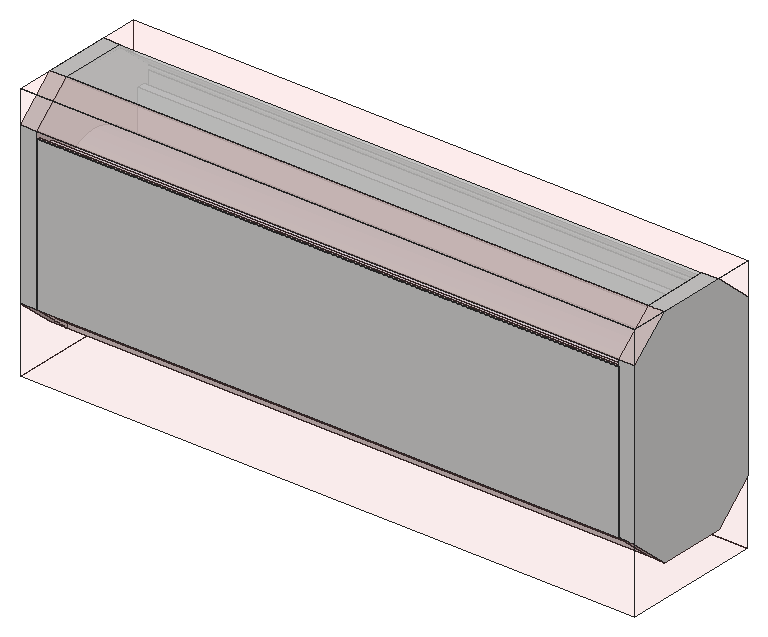
Revit family "Air-Curtain_Customer-Entry_PoweredAire_MP", category Mechanical Equipment, host Face, Revit 2022
Family settings
  Host = Face
  Round Connector Dimension = Use Diameter
  Part Type = Normal
  OmniClass Number = 23.75.35.17.21
  OmniClass Title = Air Curtains
  Cut with Voids When Loaded = No
  Maintain Annotation Orientation = No
  Shared = No
  Room Calculation Point = No
Parameters
  Warranty Duration (Years) = 0
  Unit Width Notes = "Other Widths available."  # constant formula
  Unit Width = 3' - 1"
  Unit Weight = 0
  Unit Height = 0' - 8 1/2"
  Unit Depth = 1' - 1 1/2"
  URL = "http://www.poweredaire.com/"
  Test Data = ""
  Standards Conformance = "as Specified"
  Specification = "http://www.arcat.com/sdspecs/htm04/23_34_33pai.htm"
  SpecWizard = ""
  Sound Pressure = "as Specified"
  Sales Information = "http://www.poweredaire.com/contact_us"
  Revision = "R1_2016-08"
  Projection from Host [instance] = 0' - 2"
  Product Properties = ""
  Product Data = "http://www.arcat.com/arcatcos/cos47/arc47623.html"
  Power Rating = 0 W
  Nozzle Width = if(1 = 1, Unit Width - 0' 2", 0' 0")  # 2' - 11"
  Mounting Width = if(1 = 1, Unit Width - 0' 1", 0' 0")  # 3' - 0"
  Mounting Height [instance] = 3' - 6"
  Motor RPM = 0
  Motor HP = 0
  Motor Count = 0
  Model = "As Specified"
  Max Height = 0' - 0"
  Manufacturer Website = "http://www.poweredaire.com/"
  Manufacturer Phone - Toll Free = "888-321-2473"
  Manufacturer Phone = "724-588-3305"
  Manufacturer Fax = "724-588-3371"
  Manufacturer Address = "109 Mortensen Rd.  Greenville, PA 16125"
  Manufacturer = "Powered Aire, Inc"
  Maintenance Schedule (Months) = 0
  Keynote = "23 34 33"
  Installation-Fabrication = ""
  Installation Phase = ""
  Include Clearance [instance] = yes
  Heating Element Load = 0 W
  HVAC_Temperature Rise = 0 °F
  HVAC_Outlet Volume = 0 CFM
  HVAC_Outlet Velocity Uniformity = 0
  HVAC_Outlet Velocity = 0 FPM
  Green Building-LEED = "http://www.arcat.com/green/clients/leed_data_47623.html"
  Front Grating Material [instance] = Metal - Steel - PoweredAire - Stainless 304 Perforated
  Frame Finish [instance] = Metal - Steel - PoweredAire - Stainless 304
  Expected Lifespan (Years) = 0
  Electrical_Wattage [instance] = Power Rating + Heating Element Load  # 0 W
  Electrical_Voltage [instance] = 0 V
  Electrical_Phase [instance] = 1
  Electrical_Frequency [instance] = 0 Hz
  Electrical_Amperage [instance] = 0 A
  Drawn By = "Sumex Design, Inc. / Robert S. Weygant, CSI, CDT, SCIP"
  Description = "Powered Aire Air Curtain as Specified"
  Default Elevation = 0' - 0"  # constant formula
  Copyright = "©Arcat Inc."
  Construction Details = "http://www.arcat.com/details/powair/prod3336.html"
  Clearance_Top [instance] = 0' - 0"
  Clearance_Side B [instance] = 0' - 0"
  Clearance_Side A [instance] = 0' - 0"
  Clearance_Intake [instance] = 0' - 0"
  Clearance_Bottom [instance] = 0' - 0"
  Clearance Material [instance] = ARCAT Clearance
  Building Codes = ""
  Available Options [instance] = "as Specified"
  Assembly Code = "D3090400"
Reference planes (in)
  plane 1 "Center (Elevation)": y = 0.13818
  plane 2: z = 0
  plane 3 "Center (Left/Right)": x = 0
  plane 4: y = 4.38818
  plane 5: y = -4.11182
  plane 6: x = -18.5
  plane 7: x = 18.5
  plane 8: z = 15.5
  plane 9 "FF": y = -41.86182
  plane 10: z = 2
  plane 11: x = 17.5
  plane 12: x = -17.5
  plane 13: y = 4.38818
  plane 14: y = -4.11182
  plane 15: x = -18.5
  plane 16: x = 18.5
  plane 17: z = 15.5
Forms (in)
  Extrusion 1, solid, material "Metal - Steel - PoweredAire - Stainless 304" <- "Frame Finish"
    sketch origin (0, 0, 0) x (0, 1, 0) y (0, 0, 1)
      loop
        line (2.13818, 2) -> (4.38818, 3.94454) -> (4.38818, 13.55546) -> (2.13818, 15.5) -> (-1.86182, 15.5) -> (-4.11182, 13.55546) -> (-4.11182, 3.94454) -> (-1.86182, 2) -> (2.13818, 2)
    from 17.5 to 18.5
  Extrusion 2, solid, material "Metal - Steel - PoweredAire - Stainless 304" <- "Frame Finish"
    sketch origin (0, 0, 0) x (0, 1, 0) y (0, 0, -1)
      loop
        line (2.13818, -2) -> (-1.86182, -2) -> (-4.11182, -3.94454) -> (-4.11182, -13.55546) -> (-1.86182, -15.5) -> (2.13818, -15.5) -> (4.38818, -13.55546) -> (4.38818, -3.94454) -> (2.13818, -2)
    from 17.5 to 18.5
  Extrusion 3, solid, material "Metal - Steel - PoweredAire - Stainless 304" <- "Frame Finish"
    sketch origin (0, 0, 0) x (0, 1, 0) y (0, 0, 1)
      loop
        line (-1.86182, 2) -> (2.13818, 2) -> (4.38818, 3.94454) -> (4.38818, 13.19454) -> (4.26318, 13.19454) -> (4.26318, 3.99632) -> (2.0979, 2.125) -> (-1.73682, 2.125) -> (-1.73682, 4.06954) -> (-3.98682, 4.06954) -> (-3.98682, 13.19454) -> (-4.11182, 13.19454) -> (-4.11182, 3.94454) -> (-1.86182, 3.94454) -> (-1.86182, 2)
      loop
        line (-3.39819, 3.61034) -> (-2.6202, 2.83235) -> (-2.49472, 2.95783) -> (-3.27271, 3.73583) -> (-3.39819, 3.61034)
    from -17.5 to 17.5
  Extrusion 4, solid, material "Metal - Steel - PoweredAire - Stainless 304 Perforated" <- "Front Grating Material"
    sketch origin (0, 0, 0) x (0, 1, 0) y (0, 0, 1)
      loop
        line (-4.11182, 13.19454) -> (-3.98682, 13.19454) -> (-3.98682, 13.50368) -> (-1.82155, 15.375) -> (2.0979, 15.375) -> (4.26318, 13.50368) -> (4.26318, 13.19454) -> (4.38818, 13.19454) -> (4.38818, 13.55546) -> (2.13818, 15.5) -> (-1.86182, 15.5) -> (-4.11182, 13.55546) -> (-4.11182, 13.19454)
    from -17.5 to 17.5
  Extrusion 5, solid, material "ARCAT Clearance" <- "Clearance Material", visible <- "Include Clearance"
    sketch origin (0, 0, 0) x (0, 1, 0) y (0, 0, 1)
      loop
        line (-4.11182, 15.5) -> (-4.11182, 0) -> (4.38818, 0) -> (4.38818, 15.5) -> (-4.11182, 15.5)
    from -18.5 to 18.5
  Extrusion 6, solid
    sketch origin (0, 0, 0) x (0, 1, 0) y (0, 0, 1)
      loop
        line (-3.59559, 12.66567) -> (-3.59559, 4.66567) -> (-3.09559, 4.66567) -> (-3.09559, 12.66567) -> (-3.59559, 12.66567)
      loop
        circle (0.13818, 9.1356) r 2.75
      loop
        line (3.87195, 12.66567) -> (3.37195, 12.66567) -> (3.37195, 4.66567) -> (3.87195, 4.66567) -> (3.87195, 12.66567)
    from -17.5 to 17.5
Dimensions and locks (in)
  equal spacing: plane 4, plane 1 "Center (Elevation)", plane 5
  "Unit Height": plane 4 to plane 5
  equal spacing: plane 6, plane 3 "Center (Left/Right)", plane 7
  "Unit Width": plane 6 to plane 7
  "Mounting Height": plane 1 "Center (Elevation)" to plane 9 "FF"
  "Projection from Host": plane 10 to level
  "Unit Depth": plane 8 to plane 10
  locked: plane 6 to plane 12 at 1
  locked: plane 11 to plane 7 at 1
  "Clearance_Side A": plane 7 to plane 16
  "Clearance_Side B": plane 15 to plane 6
  "Clearance_Top": plane 13 to plane 4
  "Clearance_Bottom": plane 5 to plane 14
  "Clearance_Intake": plane 17 to plane 8
  aligned and locked: plane 2 to host face
  aligned and locked: level to host face
  aligned and locked: plane 7 to Extrusion 1
  aligned and locked: Extrusion 1 to plane 11
  aligned and locked: plane 12 to Extrusion 2
  aligned and locked: Extrusion 2 to plane 6
  aligned and locked: plane 11 to Extrusion 3
  aligned and locked: Extrusion 3 to plane 12
  aligned and locked: plane 11 to Extrusion 4
  aligned and locked: Extrusion 4 to plane 12
  aligned and locked: Extrusion 5 sketch curve to plane 17
  aligned and locked: plane 14 to Extrusion 5 sketch curve
  aligned and locked: level to Extrusion 5 sketch curve
  aligned and locked: Extrusion 5 sketch curve to plane 13
  aligned and locked: plane 16 to Extrusion 5
  aligned and locked: Extrusion 5 to plane 15
  aligned and locked: plane 11 to Extrusion 6
  aligned and locked: Extrusion 6 to plane 12
Automatic sketch dimensions
  host sketch curve to host sketch curve = 8' - 0"  (x2)
  Extrusion 1 sketch curve to plane 5 = 0' - 0"
  Extrusion 1 sketch curve to plane 8 = 0' - 0"
  Extrusion 1 sketch curve to plane 4 = 0' - 0"
  plane 1 "Center (Elevation)" to Extrusion 1 sketch curve = 0' - 2"
  Extrusion 1 sketch curve to plane 1 "Center (Elevation)" = 0' - 2"  (x2)
  plane 10 to Extrusion 1 sketch curve = 0' - 1.94454"  (x2)
  Extrusion 1 sketch curve to plane 8 = 0' - 1.94454"  (x2)
  plane 5 to Extrusion 1 sketch curve = 0' - 2 1/4"
  Extrusion 1 sketch curve to plane 10 = 0' - 0"
  Extrusion 2 sketch curve to plane 5 = 0' - 0"
  Extrusion 2 sketch curve to plane 8 = 0' - 0"
  Extrusion 2 sketch curve to plane 10 = 0' - 0"
  Extrusion 2 sketch curve to plane 4 = 0' - 0"
  plane 1 "Center (Elevation)" to Extrusion 2 sketch curve = 0' - 2"
  Extrusion 2 sketch curve to plane 1 "Center (Elevation)" = 0' - 2"  (x2)
  Extrusion 2 sketch curve to plane 8 = 0' - 1.94454"  (x2)
  plane 10 to Extrusion 2 sketch curve = 0' - 1.94454"  (x2)
  plane 5 to Extrusion 2 sketch curve = 0' - 2 1/4"
  Extrusion 4 sketch curve to plane 5 = 0' - 0"
  Extrusion 4 sketch curve to plane 8 = 0' - 0"
  Extrusion 4 sketch curve to plane 4 = 0' - 0"
  plane 5 to Extrusion 4 sketch curve = 0' - 0 1/8"
  plane 1 "Center (Elevation)" to Extrusion 4 sketch curve = 0' - 2"
  Extrusion 4 sketch curve to Extrusion 4 sketch curve = 0' - 0.04027"  (x2)
  Extrusion 4 sketch curve to Extrusion 4 sketch curve = 0' - 0 1/8"
  Extrusion 4 sketch curve to plane 8 = 0' - 1.94454"  (x2)
  Extrusion 4 sketch curve to Extrusion 4 sketch curve = 0' - 0.05178"  (x2)
  Extrusion 4 sketch curve to Extrusion 4 sketch curve = 0' - 0.30914"  (x2)
  Extrusion 4 sketch curve to plane 8 = 0' - 0 1/8"
  Extrusion 4 sketch curve to plane 1 "Center (Elevation)" = 0' - 1.95973"
  Extrusion 3 sketch curve to plane 5 = 0' - 0"
  Extrusion 3 sketch curve to plane 4 = 0' - 0"
  plane 5 to Extrusion 3 sketch curve = 0' - 0 1/8"
  plane 5 to Extrusion 3 sketch curve = 0' - 0.71363"
  Extrusion 3 sketch curve to Extrusion 3 sketch curve = 0' - 0.12548"  (x2)
  Extrusion 3 sketch curve to Extrusion 3 sketch curve = 0' - 0.778"
  Extrusion 3 sketch curve to Extrusion 3 sketch curve = 0' - 0.63289"
  Extrusion 3 sketch curve to Extrusion 3 sketch curve = 0' - 0 1/8"  (x2)
  Extrusion 3 sketch curve to plane 4 = 0' - 0 1/8"
  plane 10 to Extrusion 3 sketch curve = 0' - 0.83235"
  Extrusion 3 sketch curve to Extrusion 3 sketch curve = 0' - 0.3342"
  plane 10 to Extrusion 3 sketch curve = 0' - 1.94454"
  Extrusion 3 sketch curve to Extrusion 3 sketch curve = 0' - 0.05178"
  Extrusion 3 sketch curve to plane 8 = 0' - 2.30546"  (x2)
  Extrusion 3 sketch curve to plane 1 "Center (Elevation)" = 0' - 2"
  plane 10 to Extrusion 3 sketch curve = 0' - 0 1/8"
  Extrusion 3 sketch curve to Extrusion 3 sketch curve = 0' - 0.04027"
  Extrusion 3 sketch curve to plane 10 = 0' - 0"
  Extrusion 6 sketch curve to plane 1 "Center (Elevation)" = 0' - 0"
  plane 5 to Extrusion 6 sketch curve = 0' - 1.01623"
  Extrusion 6 sketch curve to Extrusion 6 sketch curve = 0' - 0 1/2"  (x2)
  Extrusion 6 sketch curve to plane 4 = 0' - 1.01623"
  plane 10 to Extrusion 6 sketch curve = 0' - 2.66567"  (x2)
  Extrusion 6 sketch curve to Extrusion 6 sketch curve = 0' - 4.46993"
  Extrusion 6 sketch curve to plane 8 = 0' - 2.83433"  (x2)
  radius of Extrusion 6 sketch curve = 0' - 2 3/4"
Connectors (in)
  electrical at (0, 4.38818, 8.56954), driven by "Electrical_Phase", driven by "Electrical_Voltage"
    settings: on Extrusion 3, index 1, voltage 0 V, apparent load 0 VA, apparent load phase1 0 VA, apparent load phase2 0 VA, apparent load phase3 0 VA, power factor 1, load classification "Motor", number of poles 1, system type 31, power factor state 1, is connector primary yes, connector utility no, sub classification motor no, connector description ""
